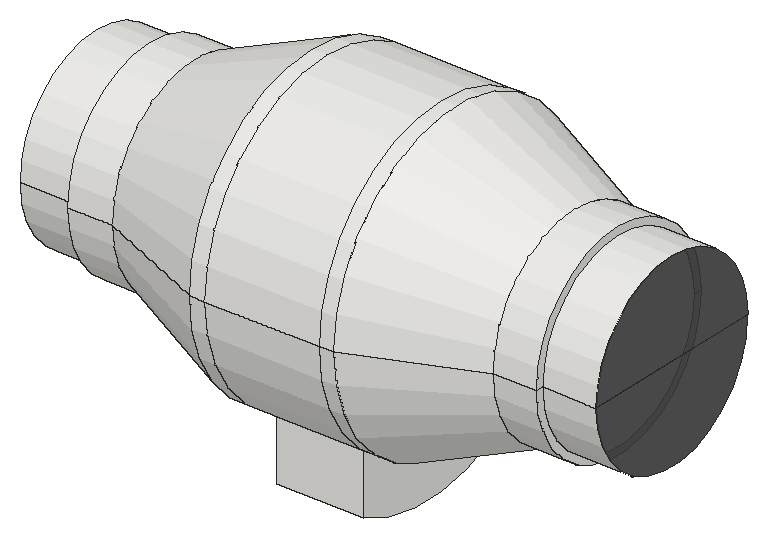
Revit family "HARMANN-SENSOVENT DUCT EC_Wywiewny", category Wyposażenie mechaniczne, Revit 2022
Family settings
  Wymiar okrągłego złącza = Użyj średnicy
  Typ części = Dzieli na
  Oparty na płaszczyźnie roboczej = Nie
  Zawsze pionowo = Tak
  Tnij formami wycięć po wczytaniu = Nie
  Zachowaj orientację opisów = Nie
  Współdzielony = Nie
  Punkt obliczania pomieszczeń = Nie
Parameters (values of type "SENSOVENT DUCT 10 EC")
  wz_a0 = 88.5 mm
  wz [instance] = wz_a0  # 88.5 mm
  wy_a0 = 53.9 mm
  wy [instance] = wy_a0  # 53.9 mm
  wx_a0 = 0.0 mm
  wx [instance] = wx_a0  # 0.0 mm
  s1 = dn  # 100.0 mm
  n1_γ1 [instance] = Określ Kąt Obrotu Korpusu Wentylatora - rounddown(Określ Kąt Obrotu Korpusu Wentylatora / 360.00°) * 360.00°  # 0.00°
  l2_a0 = 119.0 mm
  l2 [instance] = l2_a0  # 119.0 mm
  l1_a0 = 119.0 mm
  l1 [instance] = l1_a0  # 119.0 mm
  dn = 100.0 mm
  Zasilanie Współczynnik Mocy = 0.35
  Zasilanie Rodzaj Sterowania = "Sterowanie napięciem 0-10V. Wbudowany regulator ciśnienia."
  Zasilanie Natężenie = 0.25 A
  Zasilanie Napięcie Nominalne = 230 V
  Zasilanie Moc Pozorna = 57.5 VA
  Zasilanie Moc = 20 W
  Zasilanie Konfiguracja Uzwojeń = "n/d"
  Zasilanie Ilość Faz = 1
  Zasilanie Częstotliwość Nominalna = 50 Hz
  Uwaga Użytkownika [instance] = ""
  Uwaga Układ [instance] = ""
  Uwaga Oznaczenie [instance] = ""
  Uwaga Ostrzeżenie [instance] = ""
  Typoszereg Symbol [instance] = "SENSOVENT DUCT EC"  # constant formula
  Typoszereg Nazwa [instance] = "Wentylator Kanałowy SENSOVENT DUCT EC"  # constant formula
  Systematyka Rodzaj = "Wentylator Kanałowy"  # constant formula
  Systematyka Klasa = "Wentylator"  # constant formula
  Systematyka Dziedzina = "Instalacje Wentylacyjne"  # constant formula
  Systematyka Branża = "Instalacje Sanitarne"  # constant formula
  Punkt Pracy Wentylatora Warunki Nominalne [instance] = "Parametry mechaniczne określone z uwzględnieniem dedykowanej regulacji"  # constant formula
  Prt Komponent N2 = GE-Komponent-ParaForma-Harmann-ML-N2a : 10 EC
  Prt Komponent N1 = GE-Komponent-ParaForma-Harmann-ML-N1a : DUCT 10 EC
  Producent URL = ""
  Producent Nazwa = "Harmann Polska Sp. z o.o."  # constant formula
  Powietrze Wywiewane Temperatura Rzeczywista Wylot [instance] = Podaj Rzeczywistą Temperaturę Powietrza  # -273.15 °C
  Powietrze Wywiewane Temperatura Rzeczywista Wlot [instance] = Podaj Rzeczywistą Temperaturę Powietrza  # -273.15 °C
  Powietrze Wywiewane Temperatura Maksymalna = 50.0 °C
  Powietrze Wywiewane Przepływ Rzeczywisty Wylot [instance] = Powietrze Wywiewane Przepływ Rzeczywisty Wlot  # 0 m³/h
  Powietrze Wywiewane Przepływ Rzeczywisty Wlot [instance] = 0 m³/h
  Powietrze Wywiewane Przepływ Nominalny = 150 m³/h
  Powietrze Wywiewane Przepływ Maksymalny = 280 m³/h
  Powietrze Wywiewane Poziom Mocy Akustycznej Rzeczywisty Wylot [instance] = Podaj Rzeczywisty Poziom Mocy Akustycznej na Wylocie  # 0
  Powietrze Wywiewane Poziom Mocy Akustycznej Rzeczywisty Wlot [instance] = Podaj Rzeczywisty Poziom Mocy Akustycznej na Wlocie  # 0
  Powietrze Wywiewane Poziom Mocy Akustycznej Nominalny Wylot = 53
  Powietrze Wywiewane Poziom Mocy Akustycznej Nominalny Wlot = 52
  Powietrze Wywiewane Ciśnienie Statyczne Rzeczywiste [instance] = 0.0 Pa
  Powietrze Wywiewane Ciśnienie Statyczne Nominalne = 60.0 Pa
  Powietrze Wywiewane Ciśnienie Statyczne Maksymalne = 160.0 Pa
  Podaj Rzeczywistą Temperaturę Powietrza [instance] = -273.15 °C
  Podaj Rzeczywistą Temperaturę Otoczenia [instance] = -273.15 °C
  Podaj Rzeczywisty Spręż Wentylatora [instance] = 0.0 Pa
  Podaj Rzeczywisty Poziom Mocy Akustycznej od Obudowy [instance] = 0
  Podaj Rzeczywisty Poziom Mocy Akustycznej na Wylocie [instance] = 0
  Podaj Rzeczywisty Poziom Mocy Akustycznej na Wlocie [instance] = 0
  Podaj Rzeczywiste Opory Instalacji [instance] = 0.0 Pa
  Otoczenie Temperatura Rzeczywista [instance] = Podaj Rzeczywistą Temperaturę Otoczenia  # -273.15 °C
  Otoczenie Temperatura Minimalna = -20.0 °C
  Otoczenie Temperatura Maksymalna = 50.0 °C
  Otoczenie Poziom Mocy Akustycznej Rzeczywisty Obudowa [instance] = Podaj Rzeczywisty Poziom Mocy Akustycznej od Obudowy  # 0
  Otoczenie Poziom Mocy Akustycznej Nominalny Obudowa = 42
  Otoczenie Poziom Ciśnienia Akustycznego Nominalny z 03 m = 35
  Otoczenie Poziom Ciśnienia Akustycznego Nominalny z 01 m = 38
  Keynote = "SENSOVENT DUCT 10 EC"
  Opis = "Kanałowy wentylator  EC"
  Określ Kąt Obrotu Korpusu Wentylatora [instance] = 0.00°
  Object Version = "1.00"  # constant formula
  Object URL = ""
  Object Revit = "2017"  # constant formula
  Object Language = "PL"  # constant formula
  Object ID = "F000054RFAPL"  # constant formula
  Object Destination = "PL"  # constant formula
  Object Date = "2018.11.30"  # constant formula
  Model = "SENSOVENT DUCT 10 EC"
  Masa Netto = 2.0 kg
  Producent = "Harmann Polska Sp. z o.o."  # constant formula
  Kod Zamówienia = "SENSOVENT DUCT 10 EC"
  Kod Typoszereg = "SENSOVENT DUCT EC"  # constant formula
  Kod Producent = "Harmann"  # constant formula
  Kod Numer Katalogowy = "05002000"
  IfcExportType = "NOTDEFINED"  # constant formula
  IfcExportAs = "IfcFanType"  # constant formula
  Domyślna rzędna = 0.0 mm
  Copyright URL = ""
  Copyright = "© Harmann Polska Sp. z o.o.  Wszelkie prawa zastrzeżone."
  Autor URL = ""
  Autor Nazwa = ""
Types (6, lengths in mm): name | wz_a0 | wz | s1 | l2_a0 | l2 | l1_a0 | l1 | dn | Zasilanie Współczynnik Mocy | Zasilanie Natężenie | Zasilanie Moc Pozorna | Zasilanie Moc | Prt Komponent N2 | Prt Komponent N1 | Powietrze Wywiewane Przepływ Nominalny | Powietrze Wywiewane Przepływ Maksymalny | Powietrze Wywiewane Poziom Mocy Akustycznej Nominalny Wylot | Powietrze Wywiewane Poziom Mocy Akustycznej Nominalny Wlot | Powietrze Wywiewane Ciśnienie Statyczne Nominalne | Powietrze Wywiewane Ciśnienie Statyczne Maksymalne | Otoczenie Poziom Mocy Akustycznej Nominalny Obudowa | Otoczenie Poziom Ciśnienia Akustycznego Nominalny z 03 m | Otoczenie Poziom Ciśnienia Akustycznego Nominalny z 01 m | Keynote | Opis | Model | Masa Netto | Kod Zamówienia | Kod Numer Katalogowy | Copyright
  SENSOVENT DUCT 10 EC | 88.5 | 88.5 | 100.0 | 119.0 | 119.0 | 119.0 | 119.0 | 100.0 | 0.35 | 0.25 A | 57.5 VA | 20 W | GE-Komponent-ParaForma-Harmann-ML-N2a : 10 EC | GE-Komponent-ParaForma-Harmann-ML-N1a : DUCT 10 EC | 150 m³/h | 280 m³/h | 53 | 52 | 60.0 Pa | 160.0 Pa | 42 | 35 | 38 | "SENSOVENT DUCT 10 EC" | "Kanałowy wentylator  EC" | "SENSOVENT DUCT 10 EC" | 2.0 kg | "SENSOVENT DUCT 10 EC" | "05002000" | "© Harmann Polska Sp. z o.o.  Wszelkie prawa zastrzeżone."
  SENSOVENT DUCT 12 EC | 88.5 | 88.5 | 125.0 | 99.5 | 99.5 | 99.5 | 99.5 | 125.0 | 0.21 | 0.27 A | 61 VA | 18 W | GE-Komponent-ParaForma-Harmann-ML-N2a : 12 EC | GE-Komponent-ParaForma-Harmann-ML-N1a : DUCT 12 EC | 200 m³/h | 300 m³/h | 55 | 55 | 50.0 Pa | 140.0 Pa | 41 | 34 | 37 | "SENSOVENT DUCT 12 EC" | "Kanałowy wentylator  EC" | "SENSOVENT DUCT 12 EC" | 1.8 kg | "SENSOVENT DUCT 12 EC" | "05002001" | "© Harmann Polska Sp. z o.o.  Wszelkie prawa zastrzeżone."
  SENSOVENT DUCT 15/16 EC | 99.5 | 99.5 | 160.0 | 145.0 | 145.0 | 145.0 | 145.0 | 160.0 | 0.62 | 0.35 A | 80 VA | 50 W | GE-Komponent-ParaForma-Harmann-ML-N2a : 15-16 EC | GE-Komponent-ParaForma-Harmann-ML-N1a : DUCT 15-16 EC | 350 m³/h | 530 m³/h | 58 | 55 | 80.0 Pa | 350.0 Pa | 43 | 36 | 439 | "SENSOVENT DUCT 15/16 EC" | "Kanałowy wentylator  EC" | "SENSOVENT DUCT 15/16 EC" | 2.7 kg | "SENSOVENT DUCT 15/16 EC" | "05002002" | "© Harmann Polska Sp. z o.o. Wszelkie prawa zastrzeżone."
  SENSOVENT DUCT 20 EC | 111.0 | 111.0 | 200.0 | 120.0 | 120.0 | 120.0 | 120.0 | 200.0 | 0.68 | 1.05 A | 241 VA | 165 W | GE-Komponent-ParaForma-Harmann-ML-N2a : 20 EC | GE-Komponent-ParaForma-Harmann-ML-N1a : DUCT 20 EC | 700 m³/h | 1100 m³/h | 62 | 60 | 100.0 Pa | 450.0 Pa | 48 | 41 | 44 | "SENSOVENT DUCT 20 EC" | "Kanałowy wentylator EC" | "SENSOVENT DUCT 20 EC" | 4.3 kg | "SENSOVENT DUCT 20 EC" | "05002003" | "© Harmann Polska Sp. z o.o. Wszelkie prawa zastrzeżone."
  SENSOVENT DUCT 25 EC | 111.0 | 111.0 | 250.0 | 159.5 | 159.5 | 159.5 | 159.5 | 250.0 | 0.42 | 2.7 A | 614 VA | 255 W | GE-Komponent-ParaForma-Harmann-ML-N2a : 25 EC | GE-Komponent-ParaForma-Harmann-ML-N1a : DUCT 25 EC | 900 m³/h | 1600 m³/h | 60 | 59 | 120.0 Pa | 600.0 Pa | 51 | 44 | 47 | "SENSOVENT DUCT 25 EC" | "Kanałowy wentylator EC" | "SENSOVENT DUCT 25 EC" | 6.5 kg | "SENSOVENT DUCT 25 EC" | "05002004" | "© Harmann Polska Sp. z o.o.  Wszelkie prawa zastrzeżone."
  SENSOVENT DUCT 31 EC | 157.5 | 157.5 | 315.0 | 177.0 | 177.0 | 177.0 | 177.0 | 315.0 | 0.41 | 2.7 A | 621 VA | 254 W | GE-Komponent-ParaForma-Harmann-ML-N2a : 31  EC | GE-Komponent-ParaForma-Harmann-ML-N1a : DUCT 31 EC | 1000 m³/h | 2100 m³/h | 64 | 61 | 150.0 Pa | 700.0 Pa | 54 | 47 | 50 | "SENSOVENT DUCT 31 EC" | "Kanałowy wentylator EC" | "SENSOVENT DUCT 31 EC" | 8.5 kg | "SENSOVENT DUCT 31 EC" | "05002005" | "© Harmann Polska Sp. z o.o. Wszelkie prawa zastrzeżone."
Reference planes
  plane 1 "XZC00": y = 0
  plane 2 "XYC00": z = 0
  plane 3 "YZC00": x = 0
  plane 4 "YZN99": x = -1000
  plane 5 "XZN99": y = -1000
  plane 6 "XYP99": z = 1000
  plane 7 "XYN99": z = -1000
  plane 8 "YZP99": x = 1000
  plane 9 "XZP99": y = 1000
  plane 10 "XZP01": y = 0
  plane 11 "YZP01": x = 0
  plane 12 "XYP01": z = 0
  plane 13 "YZP41": x = 0
Lines and regions (mm)
  reference lines
    curve 1: line (0, -100, 0) -> (0, 0, 0)
    curve 2: line (0, 0, 0) -> (0, 0, -100)
    curve 3: line (-119, 0, 0) -> (0, 0, 0)
    curve 4: line (0, 0, 0) -> (119, 0, 0)
    curve 5: line (0, 0, -88.5) -> (0, 0, 0)
    curve 6: line (0, 0, -88.5) -> (0, 53.9, -88.5)
Dimensions and locks
  locked: curve 1 to curve 1 at 100
  locked: curve 2 to curve 2 at 100
  "l1": curve 3 to plane 11 "YZP01"
  "l2": plane 11 "YZP01" to curve 4
  "wz": curve 5 to curve 5
  "wy": curve 5 to curve 6
  "wx": plane 11 "YZP01" to plane 13 "YZP41"
  "n1_γ1": angle curve 1 to plane 12 "XYP01"
  "n1_γ1": angle nested 1 to plane 12 "XYP01"
  "n1_γ1": angle curve 2 to plane 10 "XZP01"
  "n1_γ1": angle curve 5 to plane 10 "XZP01"
  "n1_γ1": angle curve 6 to plane 12 "XYP01"
  aligned and locked: level to plane 2 "XYC00"
  aligned and locked: nested 1 to curve 1
  aligned and locked: plane 12 "XYP01" to curve 2
  aligned and locked: plane 10 "XZP01" to curve 2
  aligned and locked: nested 1 to curve 2
  aligned and locked: plane 3 "YZC00" to plane 11 "YZP01"
  aligned and locked: plane 10 "XZP01" to plane 1 "XZC00"
  aligned and locked: plane 12 "XYP01" to plane 2 "XYC00"
  aligned and locked: curve 3 to plane 10 "XZP01"
  aligned and locked: plane 11 "YZP01" to curve 4
  aligned and locked: curve 4 to plane 10 "XZP01"
  aligned and locked: plane 12 "XYP01" to curve 5
  aligned and locked: plane 10 "XZP01" to curve 5
  aligned and locked: plane 12 "XYP01" to nested 2
  aligned and locked: plane 10 "XZP01" to nested 2
  aligned and locked: plane 11 "YZP01" to nested 2
Nested families
  nested 1: "GE-Komponent-ParaForma-Harmann-ML-N1a" at (0, 0, 0), type <- "Prt Komponent N1", type "DUCT 10 EC"
    with p3_w1 42.0 mm, p3_r2 89.0 mm, p3_h2 100.0 mm, p1_w5 100.0 mm, p1_w3 123.0 mm, p1_w1 151.2 mm, p1_h7 80.5 mm, p1_h6 80.5 mm, p1_h4 53.9 mm, p1_h2 50.0 mm
  nested 2: "GE-Symbol-ParaForma-Harmann-Wentylator-Kanałowy" at (0, 0, 0), l1 <- "l1", l2 <- "l2", s <- "s1", type "Harmann"
    with s100 100.0 mm, s075 75.0 mm, s050 50.0 mm, s025 25.0 mm, s000 75.0 mm, s 100.0 mm, l2_a1 119.0 mm, l2_a0 50.0 mm, l2 119.0 mm, l1_a1 119.0 mm, l1_a0 50.0 mm, l1 119.0 mm, Vis YP yes, Vis XP no, Vis XN no, Podłączenie Indeks 1
Connectors
  hvac at (-119, 0, 0), driven by "Powietrze Wywiewane Przepływ Rzeczywisty Wlot", driven by "dn"
    settings: on curve 3, index 1, duct flow 0 m³/h, flow factor 0, pres drop 0.0 Pa, loss coef 0, conn angle 0.00°, conn width 250 mm, conn height 250 mm, conn diameter 100 mm, duct sys type 29, conn prof type 0, flow config 0, flow direction 1, loss method 0, conn ref index -1, conn util no, is conn primary yes, conn desc ""
  hvac at (119, 0, 0), driven by "Powietrze Wywiewane Przepływ Rzeczywisty Wylot", driven by "dn"
    settings: on curve 4, index 2, duct flow 0 m³/h, flow factor 0, pres drop 0.0 Pa, loss coef 0, conn angle 0.00°, conn width 250 mm, conn height 250 mm, conn diameter 100 mm, duct sys type 29, conn prof type 0, flow config 1, flow direction 2, loss method 0, conn ref index -1, conn util no, is conn primary no, conn desc ""
  electrical at (0, 53.9, -88.5), driven by "Zasilanie Napięcie Nominalne", driven by "Zasilanie Moc Pozorna", driven by "Zasilanie Współczynnik Mocy", driven by "Zasilanie Ilość Faz"
    settings: on curve 6, index 3, voltage 230 V, apparent load 57.5 VA, apparent load phase1 0 VA, apparent load phase2 0 VA, apparent load phase3 0 VA, power factor 0.35, load classification "HVAC", number of poles 1, system type 30, power factor state 1, is connector primary yes, connector utility no, sub classification motor no, connector description ""
Definition of nested family "GE-Komponent-ParaForma-Harmann-ML-N1a"
  Parameters (values of type "160/550")
    p3_w1 = 55.0 mm
    p3_r2 = 100.0 mm
    p3_l2 = 22.9 mm
    p3_h2 = 121.5 mm
    p1_w7 = 30.3 mm
    p1_w6 = 37.9 mm
    p1_w5 = 123.0 mm
    p1_w3 = 133.3 mm
    p1_w1 = 175.0 mm
    p1_h7 = 100.0 mm
    p1_h6 = 94.6 mm
    p1_h4 = 83.9 mm
    p1_h2 = 80.0 mm
    Vis Komponent = yes
    Producent URL = "http://www.paraforma.pl/M0003PL"
    Producent Nazwa = "Harmann Polska Sp. z o.o."  # constant formula
    Object Version = "1.00"  # constant formula
    Object Revit = "2017"  # constant formula
    Object Language = "PL"  # constant formula
    Object Destination = "PL"  # constant formula
    Object Date = "2018.11.30"  # constant formula
    Manufacturer = "Harmann Polska Sp. z o.o."  # constant formula
    Default Elevation = 0.0 mm
    Copyright URL = "http://www.paraforma.pl/copyright"
    Copyright = "© Harmann Polska Sp. z o.o. & ParaForma Bartosz Pawłowski. Wszelkie prawa zastrzeżone."  # constant formula
    Autor URL = "http://www.paraforma.pl/"
    Autor Nazwa = "ParaForma Bartosz Pawłowski"  # constant formula
  Types (8, lengths in mm): name | p3_r2 | p3_h2 | p1_w5 | p1_w3 | p1_w1 | p1_h7 | p1_h6 | p1_h4 | p1_h2
    100/300 | 89.0 | 105.0 | 97.0 | 107.3 | 149.0 | 89.0 | 83.6 | 53.9 | 50.0
    100/300T | 89.0 | 105.0 | 97.0 | 107.3 | 149.0 | 89.0 | 83.6 | 53.9 | 50.0
    125/350 | 89.0 | 105.0 | 77.5 | 87.8 | 129.5 | 89.0 | 83.9 | 66.4 | 62.5
    150/550 | 100.0 | 121.5 | 123.0 | 133.3 | 175.0 | 100.0 | 94.9 | 78.9 | 75.0
    150/550T | 100.0 | 121.5 | 123.0 | 133.3 | 175.0 | 100.0 | 94.9 | 78.9 | 75.0
    160/550 | 100.0 | 121.5 | 123.0 | 133.3 | 175.0 | 100.0 | 94.6 | 83.9 | 80.0
    160/550T | 100.0 | 121.5 | 123.0 | 133.3 | 175.0 | 100.0 | 94.6 | 83.9 | 80.0
    200/950 | 111.5 | 131.5 | 98.0 | 108.3 | 150.0 | 111.5 | 106.1 | 103.9 | 100.0
  Reference planes
    plane 1 "XZC00": y = 0
    plane 2 "XYC00": z = 0
    plane 3 "YZC00": x = 0
    plane 4 "YZN99": x = -1000
    plane 5 "XZN99": y = -1000
    plane 6 "XYP99": z = 1000
    plane 7 "XYN99": z = -1000
    plane 8 "YZP99": x = 1000
    plane 9 "XZP99": y = 1000
    plane 10 "XZC01": y = 0
    plane 11 "YZC01": x = 0
    plane 12 "XYC01": z = 0
    plane 13 "XZC02": y = 0
    plane 14 "YZC02": x = 0
    plane 15 "XYC02": z = 0
  Forms (mm)
    Revolve 1, solid, detail levels fine
      sketch origin (0, 0, 0) x (1, 0, 0) y (0, 1, 0)
        loop
          line (-175, 0) -> (175, 0) -> (175, 80) -> (133.3, 80) -> (133.3, 83.9) -> (123, 83.9) -> (37.9, 94.6) -> (30.3, 100) -> (-30.3, 100) -> (-37.9, 94.6) -> (-123, 83.9) -> (-133.3, 83.9) -> (-133.3, 80) -> (-175, 80) -> (-175, 0)
        axis (-175, 0) -> (175, 0)
      angle from 0 to 360
    Sweep 2, solid, detail levels fine
      path origin (0, 0, 0) x (1, 0, 0) y (0, 1, 0)
        loop
          line (-22.9, 0) -> (22.9, 0)
      profile origin (0, 0, 0) x (0, 1, 0) y (0, 0, 1)
        loop
          line (55, 0) -> (-55, 0) -> (-55, -121.5)
          arc (-55, -121.5) -> (0, -137.984) -> (55, -121.5) r 100
          line (55, -121.5) -> (55, 0)
    Revolve 3, solid, detail levels medium
      sketch origin (3000, 0, 0) x (1, 0, 0) y (0, 1, 0)
        loop
          line (-3175, 0) -> (-2825, 0) -> (-2825, 80) -> (-2866.7, 80) -> (-2866.7, 83.9) -> (-2969.7, 100) -> (-3030.3, 100) -> (-3133.3, 83.9) -> (-3133.3, 80) -> (-3175, 80) -> (-3175, 0)
        axis (-3175, 0) -> (-2825, 0)
      angle from 0 to 360
  Cuts and joins
    joined: Revolve 1, Sweep 2
  Dimensions and locks
    "p1_w1": Revolve 1 sketch curve to plane 11 "YZC01"  (x2)
    "p1_w1": plane 11 "YZC01" to Revolve 1 sketch curve  (x2)
    "p1_w7": Revolve 1 sketch curve to plane 11 "YZC01"
    "p1_w7": plane 11 "YZC01" to Revolve 1 sketch curve
    "p1_w3": Revolve 1 sketch curve to plane 11 "YZC01"
    "p1_w3": plane 11 "YZC01" to Revolve 1 sketch curve
    "p1_h7": Revolve 1 sketch curve to plane 10 "XZC01"
    "p1_h2": plane 10 "XZC01" to Revolve 1 sketch curve  (x2)
    "p1_h4": plane 10 "XZC01" to Revolve 1 sketch curve  (x2)
    "p1_w5": Revolve 1 sketch curve to plane 11 "YZC01"
    "p1_w5": plane 11 "YZC01" to Revolve 1 sketch curve
    "p1_h6": Revolve 1 sketch curve to plane 10 "XZC01"  (x2)
    "p1_w6": Revolve 1 sketch curve to plane 11 "YZC01"
    "p1_w6": plane 11 "YZC01" to Revolve 1 sketch curve
    "p3_l2": Sweep 2 sketch curve to plane 11 "YZC01"
    "p3_l2": plane 11 "YZC01" to Sweep 2 sketch curve
    "p3_w1": Sweep 2 sketch curve to profile plane
    "p3_w1": profile plane to Sweep 2 sketch curve
    "p3_h2": profile plane to Sweep 2 sketch curve  (x2)
    "p1_w1": Revolve 3 sketch curve to plane 14 "YZC02"  (x2)
    "p1_w1": plane 14 "YZC02" to Revolve 3 sketch curve  (x2)
    "p1_w7": Revolve 3 sketch curve to plane 14 "YZC02"
    "p1_w7": plane 14 "YZC02" to Revolve 3 sketch curve
    "p1_w3": Revolve 3 sketch curve to plane 14 "YZC02"
    "p1_w3": plane 14 "YZC02" to Revolve 3 sketch curve
    "p1_h7": Revolve 3 sketch curve to plane 13 "XZC02"
    "p1_h2": plane 13 "XZC02" to Revolve 3 sketch curve  (x2)
    "p3_r2": radius of Sweep 2 sketch curve
    aligned and locked: level to plane 2 "XYC00"
    aligned and locked: Revolve 1 sketch curve to plane 10 "XZC01"  (x2)
    aligned and locked: plane 2 "XYC00" to plane 12 "XYC01"
    aligned and locked: plane 3 "YZC00" to plane 11 "YZC01"
    aligned and locked: plane 10 "XZC01" to plane 1 "XZC00"
    aligned and locked: Sweep 2 sketch curve to plane 10 "XZC01"
    aligned and locked: profile plane to Sweep 2 sketch curve
    aligned and locked: Revolve 3 sketch curve to plane 13 "XZC02"  (x2)
    aligned and locked: plane 13 "XZC02" to plane 1 "XZC00"
    aligned and locked: plane 14 "YZC02" to plane 3 "YZC00"
  Automatic sketch dimensions
    Revolve 3 sketch curve to Revolve 3 sketch curve = 3.9 mm  (x2)
Definition of nested family "GE-Symbol-ParaForma-Harmann-Wentylator-Kanałowy"
  Parameters (values of type "Harmann")
    s100 [instance] = s * 1  # 100.0 mm
    s075 [instance] = s * 0.75  # 75.0 mm
    s050 [instance] = s * 0.5  # 50.0 mm
    s025 [instance] = s * 0.25  # 25.0 mm
    s000 [instance] = 75.0 mm
    s [instance] = 100.0 mm
    l2_a1 [instance] = if(l2 = s / 2, l2 + 1.0 mm, l2)  # 100.0 mm
    l2_a0 [instance] = s / 2  # 50.0 mm
    l2 [instance] = 100.0 mm
    l1_a1 [instance] = if(l1 = s / 2, l1 + 1.0 mm, l1)  # 100.0 mm
    l1_a0 [instance] = s / 2  # 50.0 mm
    l1 [instance] = 100.0 mm
    Vis YP [instance] = Podłączenie Indeks = 1  # yes
    Vis XP [instance] = Podłączenie Indeks = 2  # no
    Vis XN [instance] = Podłączenie Indeks = 3  # no
    Vis Komponent = yes
    Producent URL = "http://www.paraforma.pl/M0003PL"
    Producent Nazwa = "Harmann Polska Sp. z o.o."  # constant formula
    Podłączenie Indeks [instance] = 1
    Object Version = "1.00"  # constant formula
    Object Revit = "2017"  # constant formula
    Object Language = "PL"  # constant formula
    Object Destination = "PL"  # constant formula
    Object Date = "2018.11.30"  # constant formula
    Manufacturer = "Harmann Polska Sp. z o.o."  # constant formula
    Default Elevation = 0.0 mm
    Copyright URL = "http://www.paraforma.pl/copyright"
    Copyright = "© Harmann Polska Sp. z o.o. & ParaForma Bartosz Pawłowski. Wszelkie prawa zastrzeżone."  # constant formula
    Autor URL = "http://www.paraforma.pl/"
    Autor Nazwa = "ParaForma Bartosz Pawłowski"  # constant formula
  Reference planes
    plane 1 "XZC00": y = 0
    plane 2 "XYC00": z = 0
    plane 3 "YZC00": x = 0
    plane 4 "YZN99": x = -1000
    plane 5 "XZN99": y = -1000
    plane 6 "XYP99": z = 1000
    plane 7 "XYN99": z = -1000
    plane 8 "YZP99": x = 1000
    plane 9 "XZP99": y = 1000
    plane 10 "XZC01": y = 0
    plane 11 "YZC01": x = 0
    plane 12 "XYC01": z = 0
  Lines and regions (mm)
    model lines, visible <- "Vis YP", detail levels coarse
      curve 1: line (-25, -43.301, 0) -> (-25, 43.301, 0)
      curve 2: line (50, 0, 0) -> (-25, 43.301, 0)
      curve 3: line (50, 0, 0) -> (-25, -43.301, 0)
      curve 10: line (50, 0, 0) -> (100, 0, 0)
    model lines, visible <- "Vis XP", detail levels coarse
      curve 4: line (43.301, -25, 0) -> (-43.301, -25, 0)
      curve 5: line (0, 50, 0) -> (-43.301, -25, 0)
      curve 6: line (0, 50, 0) -> (43.301, -25, 0)
      curve 11: line (0, 50, 0) -> (0, 100, 0)
    model lines, visible <- "Vis XN", detail levels coarse
      curve 7: line (-43.301, 25, 0) -> (43.301, 25, 0)
      curve 8: line (0, -50, 0) -> (43.301, 25, 0)
      curve 9: line (0, -50, 0) -> (-43.301, 25, 0)
      curve 12: line (0, -50, 0) -> (0, -100, 0)
    model lines, detail levels coarse
      curve 13: line (-100, 0, 0) -> (-50, 0, 0)
      curve 14: circle (0, 0, 0) r 50 normal (0, 0, 1)
    symbolic lines, detail levels coarse
      curve 15: line (-25, 0, -43.301) -> (-25, 0, 43.301)
      curve 16: line (-25, 0, -43.301) -> (50, 0, 0)
      curve 17: line (50, 0, 0) -> (-25, 0, 43.301)
      curve 18: line (-100, 0, 0) -> (-50, 0, 0)
      curve 20: circle (0, 0, 0) r 50 normal (0, 1, 0)
    symbolic lines, visible <- "Vis YP", detail levels coarse
      curve 19: line (50, 0, 0) -> (100, 0, 0)
    symbolic lines, visible <- "Vis XP", detail levels coarse
      curve 21: line (0, 0, 0) -> (0, 100, 0)
    symbolic lines, visible <- "Vis XN", detail levels coarse
      curve 22: line (0, 0, 0) -> (0, -100, 0)
  Dimensions and locks
    "s025": curve 1 to plane 11 "YZC01"
    "s025": curve 2 to plane 11 "YZC01"
    "s050": curve 1 to plane 11 "YZC01"
    "s050": curve 2 to plane 11 "YZC01"
    "s025": plane 11 "YZC01" to curve 3
    "s050": curve 3 to plane 11 "YZC01"
    "s025": plane 11 "YZC01" to curve 6
    "s050": curve 5 to plane 11 "YZC01"
    "s025": curve 5 to plane 11 "YZC01"
    "s050": curve 4 to plane 11 "YZC01"
    "s025": plane 11 "YZC01" to curve 4
    "s050": curve 6 to plane 11 "YZC01"
    "s025": plane 11 "YZC01" to curve 7
    "s050": curve 9 to plane 11 "YZC01"
    "s025": plane 11 "YZC01" to curve 9
    "s025": curve 8 to plane 11 "YZC01"
    "s050": curve 8 to plane 11 "YZC01"
    "s050": curve 7 to plane 11 "YZC01"
    "l1_a1": curve 13 to plane 11 "YZC01"
    "l1_a0": curve 13 to plane 11 "YZC01"
    "l2_a1": plane 10 "XZC01" to curve 12
    "l2_a0": plane 10 "XZC01" to curve 12
    "l2_a0": plane 11 "YZC01" to curve 10
    "l2_a1": plane 11 "YZC01" to curve 10
    "l2_a1": curve 11 to plane 10 "XZC01"
    "l2_a0": curve 11 to plane 10 "XZC01"
    "s025": plane 12 "XYC01" to curve 15
    "s050": curve 15 to plane 12 "XYC01"
    "s025": curve 16 to plane 12 "XYC01"
    "s050": curve 16 to plane 12 "XYC01"
    "s025": curve 17 to plane 12 "XYC01"
    "s050": curve 17 to plane 12 "XYC01"
    "l1_a1": plane 11 "YZC01" to curve 18
    "l1_a0": plane 11 "YZC01" to curve 18
    "l2_a0": curve 19 to plane 11 "YZC01"
    "l2_a1": curve 19 to plane 11 "YZC01"
    "l2_a1": curve 21 to plane 10 "XZC01"
    "l2_a1": plane 10 "XZC01" to curve 22
    "s100": diameter of curve 14
    "s100": diameter of curve 20
    aligned and locked: level to plane 2 "XYC00"
    aligned and locked: plane 3 "YZC00" to plane 11 "YZC01"
    aligned and locked: plane 10 "XZC01" to plane 1 "XZC00"
    aligned and locked: plane 12 "XYC01" to plane 2 "XYC00"
    aligned and locked: plane 11 "YZC01" to curve 14
    aligned and locked: plane 10 "XZC01" to curve 14
    aligned and locked: curve 13 to plane 10 "XZC01"
    aligned and locked: plane 11 "YZC01" to curve 11
    aligned and locked: curve 10 to plane 10 "XZC01"
    aligned and locked: curve 12 to plane 11 "YZC01"
    aligned and locked: plane 11 "YZC01" to curve 20
    aligned and locked: plane 12 "XYC01" to curve 20
    aligned and locked: curve 19 to plane 12 "XYC01"
    aligned and locked: curve 18 to plane 12 "XYC01"
    aligned and locked: curve 22 to plane 12 "XYC01"
    aligned and locked: plane 10 "XZC01" to curve 21
